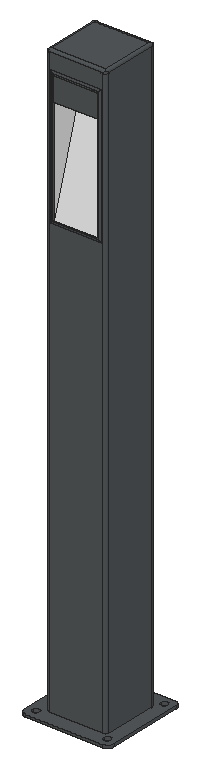
Revit family "svetilnik_alfresco_ar deko_dtu19", category Lighting Fixtures, Revit 2016 (continued)
Definition of nested family "Источник света Ар_Деко"
  Types (5, lengths in mm): name | Photometric Web File | built-in parameter 1150142
       0.2       0.2       0.2       0.2       0.2       0.2       0.2       0.2\r\n       0.2       0.2       0.2       0.2       0.2       0.2       0.2       0.2\r\n       0.2       0.2       0.2       0.2       0.2       0.2       0.2       0.2\r\n       0.2       0.2       0.2       0.2       0.2       0.2       0.2       0.2\r\n       0.2       0.2       0.2       0.2       0.2       0.2       0.2       0.2\r\n       0.2       0.2       0.2       0.2       0.2       0.2       0.2       0.2\r\n       0.2       0.2       0.2       0.2       0.2       0.2       0.2       0.2\r\n       0.2       0.2       0.2       0.2       0.2       0.2       0.2       0.2\r\n       0.2       0.2       0.2       0.2       0.2       0.2       0.2       0.2\r\n       0.2       0.2       0.2       0.2       0.2       0.2       0.2       0.2\r\n       0.2       0.2       0.2       0.2       0.2       0.2       0.2       0.2\r\n       0.2       0.2       0.2       0.2       0.2       0.2       0.2       0.2\r\n       0.1       0.1       0.1       0.1       0.1       0.1       0.1       0.1\r\n       0.1       0.1       0.1       0.0       0.0       0.0       0.0       0.0\r\n       0.0       0.0       0.0       0.0       0.0\r\n       0.0       0.0       0.0       0.0       0.0       0.0       0.0       0.0\r\n       0.1       0.1       0.1       0.1       0.1       0.1       0.2       0.2\r\n       0.2       0.2       0.2       0.2       0.2       0.2       0.2       0.2\r\n       0.2       0.2       0.2       0.2       0.2       0.2       0.2       0.2\r\n       0.2       0.2       0.2       0.2       0.2       0.2       0.2       0.2\r\n       0.2       0.2       0.2       0.2       0.2       0.2       0.2       0.2\r\n       0.2       0.2       0.2       0.2       0.2       0.2       0.2       0.2\r\n       0.2       0.2       0.2       0.2       0.2       0.2       0.2       0.2\r\n       0.2       0.2       0.2       0.2       0.2       0.2       0.2       0.2\r\n       0.2       0.2       0.2       0.2       0.2       0.2       0.2       0.2\r\n       0.2       0.2       0.2       0.2       0.2       0.2       0.2       0.2\r\n       0.2       0.2       0.2       0.2       0.2       0.2       0.2       0.2\r\n       0.2       0.2       0.2       0.2       0.2       0.2       0.2       0.2\r\n       0.2       0.2       0.2       0.2       0.2       0.2       0.2       0.2\r\n       0.2       0.2       0.2       0.2       0.2       0.2       0.2       0.2\r\n       0.2       0.2       0.2       0.2       0.2       0.2       0.2       0.2\r\n       0.2       0.2       0.2       0.2       0.2       0.2       0.2       0.2\r\n       0.2       0.2       0.2       0.2       0.2       0.2       0.2       0.2\r\n       0.2       0.2       0.2       0.2       0.2       0.2       0.2       0.2\r\n       0.2       0.2       0.2       0.2       0.2       0.2       0.2       0.2\r\n       0.2       0.2       0.2       0.1       0.1       0.1       0.1       0.1\r\n       0.1       0.1       0.1       0.0       0.0       0.0       0.0       0.0\r\n       0.0       0.0       0.0       0.0       0.0\r\n       0.0       0.0       0.0       0.0       0.0       0.0       0.0       0.0\r\n       0.1       0.1       0.1       0.2       0.2       0.2       0.2       0.2\r\n       0.2       0.2       0.2       0.2       0.2       0.2       0.2       0.2\r\n       0.2       0.2       0.2       0.2       0.2       0.2       0.2       0.2\r\n       0.2       0.2       0.2       0.2       0.2       0.2       0.2       0.2\r\n       0.2       0.2       0.2       0.2       0.2       0.2       0.2       0.2\r\n       0.2       0.2       0.2       0.2       0.2       0.2       0.2       0.2\r\n       0.2       0.2       0.2       0.2       0.2       0.2       0.2       0.2\r\n       0.2       0.2       0.2       0.2       0.2       0.2       0.2       0.2\r\n       0.2       0.2       0.2       0.2       0.2       0.2       0.2       0.2\r\n       0.2       0.2       0.2       0.2       0.2       0.2       0.2       0.2\r\n       0.2       0.2       0.2       0.2       0.2       0.2       0.2       0.2\r\n       0.2       0.2       0.2       0.2       0.2       0.2       0.2       0.2\r\n       0.2       0.2       0.2       0.2       0.2       0.2       0.2       0.2\r\n       0.2       0.2       0.2       0.2       0.2       0.2       0.2       0.2\r\n       0.2       0.2       0.2       0.2       0.2       0.2       0.2       0.2\r\n       0.2       0.2       0.2       0.2       0.2       0.2       0.2       0.2\r\n       0.2       0.2       0.2       0.2       0.2       0.2       0.2       0.2\r\n       0.2       0.2       0.2       0.2       0.2       0.2       0.2       0.2\r\n       0.2       0.2       0.2       0.2       0.2       0.2       0.2       0.2\r\n       0.2       0.2       0.2       0.2       0.2       0.2       0.1       0.1\r\n       0.1       0.1       0.1       0.1       0.0       0.0       0.0       0.0\r\n       0.0       0.0       0.0       0.0       0.0\r\n       0.0       0.0       0.0       0.0       0.0       0.0       0.0       0.0\r\n       0.2       0.1       0.2       0.2       0.2       0.2       0.2       0.2\r\n       0.2       0.2       0.2       0.2       0.2       0.2       0.2       0.2\r\n       0.2       0.2       0.2       0.2       0.2       0.2       0.2       0.2\r\n       0.2       0.2       0.2       0.2       0.2       0.2       0.2       0.2\r\n       0.2       0.2       0.2       0.2       0.2       0.2       0.2       0.2\r\n       0.2       0.2       0.2       0.2       0.2       0.2       0.2       0.2\r\n       0.2       0.2       0.2       0.2       0.2       0.2       0.2       0.2\r\n       0.2       0.2       0.2       0.2       0.2       0.2       0.2       0.2\r\n       0.2       0.2       0.2       0.2       0.2       0.2       0.2       0.2\r\n       0.2       0.2       0.2       0.2       0.2       0.2       0.2       0.2\r\n       0.2       0.2       0.2       0.2       0.2       0.2       0.2       0.2\r\n       0.2       0.2       0.2       0.2       0.2       0.2       0.2       0.2\r\n       0.2       0.2       0.2       0.2       0.2       0.2       0.2       0.2\r\n       0.2       0.2       0.2       0.2       0.2       0.2       0.2       0.2\r\n       0.2       0.2       0.2       0.2       0.2       0.2       0.2       0.2\r\n       0.2       0.2       0.2       0.2       0.2       0.2       0.2       0.2\r\n       0.2       0.2       0.2       0.2       0.2       0.2       0.2       0.2\r\n       0.2       0.2       0.2       0.2       0.2       0.2       0.2       0.2\r\n       0.2       0.2       0.2       0.2       0.2       0.2       0.2       0.2\r\n       0.2       0.2       0.2       0.2       0.2       0.2       0.2       0.2\r\n       0.1       0.1       0.1       0.1       0.0       0.0       0.0       0.0\r\n       0.0       0.0       0.0       0.0       0.0\r\n       0.0       0.0       0.0       0.0       0.0       0.0       0.1       0.1\r\n       0.2       0.2       0.2       0.2       0.2       0.2       0.2       0.2\r\n       0.2       0.2       0.2       0.2       0.2       0.2       0.2       0.2\r\n       0.2       0.2       0.2       0.2       0.2       0.2       0.2       0.2\r\n       0.2       0.2       0.2       0.2       0.2       0.2       0.2       0.2\r\n       0.2       0.2       0.2       0.2       0.2       0.2       0.2       0.2\r\n       0.2       0.2       0.2       0.2       0.2       0.2       0.2       0.2\r\n       0.2       0.2       0.2       0.2       0.2       0.2       0.2       0.2\r\n       0.2       0.2       0.2       0.2       0.2       0.2       0.2       0.2\r\n       0.2       0.2       0.2       0.2       0.2       0.2       0.2       0.2\r\n       0.2       0.2       0.2       0.2       0.2       0.2       0.2       0.2\r\n       0.2       0.2       0.2       0.2       0.2       0.2       0.2       0.2\r\n       0.2       0.2       0.2       0.2       0.2       0.2       0.2       0.2\r\n       0.2       0.2       0.2       0.2       0.2       0.2       0.2       0.2\r\n       0.2       0.2       0.2       0.2       0.2       0.2       0.2       0.2\r\n       0.2       0.2       0.2       0.2       0.2       0.2       0.2       0.2\r\n       0.2       0.2       0.2       0.2       0.2       0.2       0.2       0.2\r\n       0.2       0.2       0.2       0.2       0.2       0.2       0.2       0.2\r\n       0.2       0.2       0.2       0.2       0.2       0.2       0.2       0.2\r\n       0.2       0.2       0.2       0.2       0.2       0.2       0.2       0.2\r\n       0.2       0.2       0.2       0.2       0.2       0.2       0.2       0.2\r\n       0.1       0.1       0.1       0.1       0.0       0.0       0.0       0.0\r\n       0.0       0.0       0.0       0.0       0.0\r\n       0.0       0.0       0.0       0.0       0.0       0.0       0.1       0.1\r\n       0.2       0.2       0.2       0.2       0.2       0.2       0.2       0.2\r\n       0.2       0.2       0.2       0.2       0.2       0.2       0.2       0.2\r\n       0.2       0.2       0.2       0.2       0.2       0.2       0.2       0.2\r\n       0.2       0.2       0.2       0.2       0.2       0.2       0.2       0.2\r\n       0.2       0.2       0.2       0.2       0.2       0.2       0.2       0.2\r\n       0.2       0.2       0.2       0.2       0.2       0.2       0.2       0.2\r\n       0.2       0.2       0.2       0.2       0.2       0.2       0.2       0.2\r\n       0.2       0.2       0.2       0.2       0.2       0.2       0.2       0.2\r\n       0.2       0.2       0.2       0.2       0.2       0.2       0.2       0.2\r\n       0.2       0.2       0.2       0.2       0.2       0.2       0.2       0.2\r\n       0.2       0.2       0.2       0.2       0.2       0.2       0.2       0.2\r\n       0.2       0.2       0.2       0.2       0.2       0.2       0.2       0.2\r\n       0.2       0.2       0.2       0.2       0.2       0.2       0.2       0.2\r\n       0.2       0.2       0.2       0.2       0.2       0.2       0.2       0.2\r\n       0.2       0.2       0.2       0.2       0.2       0.2       0.2       0.2\r\n       0.2       0.2       0.2       0.2       0.2       0.2       0.2       0.2\r\n       0.2       0.2       0.2       0.2       0.2       0.2       0.2       0.2\r\n       0.2       0.2       0.2       0.2       0.2       0.2       0.2       0.2\r\n       0.2       0.2       0.2       0.2       0.2       0.2       0.2       0.2\r\n       0.2       0.2       0.2       0.2       0.2       0.2       0.2       0.2\r\n       0.1       0.1       0.1       0.1       0.0       0.0       0.0       0.0\r\n       0.0       0.0       0.0       0.0       0.0\r\n       0.0       0.0       0.0       0.0       0.0       0.0       0.1       0.1\r\n       0.2       0.2       0.2       0.2       0.2       0.2       0.2       0.2\r\n       0.2       0.2       0.2       0.2       0.2       0.2       0.2       0.2\r\n       0.2       0.2       0.2       0.2       0.2       0.2       0.2       0.2\r\n       0.2       0.2       0.2       0.2       0.2       0.2       0.2       0.2\r\n       0.2       0.2       0.2       0.2       0.2       0.2       0.2       0.2\r\n       0.2       0.2       0.2       0.2       0.2       0.2       0.2       0.2\r\n       0.2       0.2       0.2       0.2       0.2       0.2       0.2       0.2\r\n       0.2       0.2       0.2       0.2       0.2       0.2       0.2       0.2\r\n       0.2       0.2       0.2       0.2       0.2       0.2       0.2       0.2\r\n       0.2       0.2       0.2       0.2       0.2       0.2       0.2       0.2\r\n       0.2       0.2       0.2       0.2       0.2       0.2       0.2       0.2\r\n       0.2       0.2       0.2       0.2       0.2       0.2       0.2       0.2\r\n       0.2       0.2       0.2       0.2       0.2       0.2       0.2       0.2\r\n       0.2       0.2       0.2       0.2       0.2       0.2       0.2       0.2\r\n       0.2       0.2       0.2       0.2       0.2       0.2       0.2       0.2\r\n       0.2       0.2       0.2       0.2       0.2       0.2       0.2       0.2\r\n       0.2       0.2       0.2       0.2       0.2       0.2       0.2       0.2\r\n       0.2       0.2       0.2       0.2       0.2       0.2       0.2       0.2\r\n       0.2       0.2       0.2       0.2       0.2       0.2       0.2       0.2\r\n       0.2       0.2       0.2       0.2       0.2       0.2       0.2       0.2\r\n       0.1       0.1       0.1       0.1       0.1       0.0       0.0       0.0\r\n       0.0       0.0       0.0       0.0       0.0\r\n       0.0       0.0       0.0       0.0       0.0       0.1       0.1       0.1\r\n       0.2       0.2       0.2       0.2       0.2       0.2       0.2       0.2\r\n       0.2       0.2       0.2       0.2       0.2       0.2       0.2       0.2\r\n       0.2       0.2       0.2       0.2       0.2       0.2       0.2       0.2\r\n       0.2       0.2       0.2       0.2       0.2       0.2       0.2       0.2\r\n       0.2       0.2       0.2       0.2       0.2       0.2       0.2       0.2\r\n       0.2       0.2       0.2       0.2       0.2       0.2       0.2       0.2\r\n       0.2       0.2       0.2       0.2       0.2       0.2       0.2       0.2\r\n       0.2       0.2       0.2       0.2       0.2       0.2       0.2       0.2\r\n       0.2       0.2       0.2       0.2       0.2       0.2       0.2       0.2\r\n       0.2       0.2       0.2       0.2       0.2       0.2       0.2       0.2\r\n       0.2       0.2       0.2       0.2       0.2       0.2       0.2       0.2\r\n       0.2       0.2       0.2       0.2       0.2       0.2       0.2       0.2\r\n       0.2       0.2       0.2       0.2       0.2       0.2       0.2       0.2\r\n       0.2       0.2       0.2       0.2       0.2       0.2       0.2       0.2\r\n       0.2       0.2       0.2       0.2       0.2       0.2       0.2       0.2\r\n       0.2       0.2       0.2       0.2       0.2       0.2       0.2       0.2\r\n       0.2       0.2       0.2       0.2       0.2       0.2       0.2       0.2\r\n       0.2       0.2       0.2       0.2       0.2       0.2       0.2       0.2\r\n       0.2       0.2       0.2       0.2       0.2       0.2       0.2       0.2\r\n       0.2       0.2       0.2       0.2       0.2       0.2       0.2       0.2\r\n       0.1       0.1       0.1       0.1       0.1       0.0       0.0       0.0\r\n       0.0       0.0       0.0       0.0       0.0\r\n       0.0       0.0       0.0       0.0       0.0       0.1       0.1       0.1\r\n       0.2       0.2       0.2       0.2       0.2       0.2       0.2       0.2\r\n       0.2       0.2       0.2       0.2       0.2       0.2       0.2       0.2\r\n       0.2       0.2       0.2       0.2       0.2       0.2       0.2       0.2\r\n       0.2       0.2       0.2       0.2       0.2       0.2       0.2       0.2\r\n       0.2       0.2       0.2       0.2       0.2       0.2       0.2       0.2\r\n       0.2       0.2       0.2       0.2       0.2       0.2       0.2       0.2\r\n       0.2       0.2       0.2       0.2       0.2       0.2       0.2       0.2\r\n       0.2       0.2       0.2       0.2       0.2       0.2       0.2       0.2\r\n       0.2       0.2       0.2       0.2       0.2       0.2       0.2       0.2\r\n       0.2       0.2       0.2       0.2       0.2       0.2       0.2       0.2\r\n       0.2       0.2       0.2       0.2       0.2       0.2       0.2       0.2\r\n       0.2       0.2       0.2       0.2       0.2       0.2       0.2       0.2\r\n       0.2       0.2       0.2       0.2       0.2       0.2       0.2       0.2\r\n       0.2       0.2       0.2       0.2       0.2       0.2       0.2       0.2\r\n       0.2       0.2       0.2       0.2       0.2       0.2       0.2       0.2\r\n       0.2       0.2       0.2       0.2       0.2       0.2       0.2       0.2\r\n       0.2       0.2       0.2       0.2       0.2       0.2       0.2       0.2\r\n       0.2       0.2       0.2       0.2       0.2       0.2       0.2       0.2\r\n       0.2       0.2       0.2       0.2       0.2       0.2       0.2       0.2\r\n       0.2       0.2       0.2       0.2       0.2       0.2       0.2       0.2\r\n       0.1       0.1       0.1       0.1       0.1       0.0       0.0       0.0\r\n       0.0
             0.0       0.0       0.0       0.0\r\n       0.0       0.0       0.0       0.0       0.0       0.1       0.1       0.1\r\n       0.2       0.2       0.2       0.2       0.2       0.2       0.2       0.2\r\n       0.2       0.2       0.2       0.2       0.2       0.2       0.2       0.2\r\n       0.2       0.2       0.2       0.2       0.2       0.2       0.2       0.2\r\n       0.2       0.2       0.2       0.2       0.2       0.2       0.2       0.2\r\n       0.2       0.2       0.2       0.2       0.2       0.2       0.2       0.2\r\n       0.2       0.2       0.2       0.2       0.2       0.2       0.2       0.2\r\n       0.2       0.2       0.2       0.2       0.2       0.2       0.2       0.2\r\n       0.2       0.2       0.2       0.2       0.2       0.2       0.2       0.2\r\n       0.2       0.2       0.2       0.2       0.2       0.2       0.2       0.2\r\n       0.2       0.2       0.2       0.2       0.2       0.2       0.2       0.2\r\n       0.2       0.2       0.2       0.2       0.2       0.2       0.2       0.2\r\n       0.2       0.2       0.2       0.2       0.2       0.2       0.2       0.2\r\n       0.2       0.2       0.2       0.2       0.2       0.2       0.2       0.2\r\n       0.2       0.2       0.2       0.2       0.2       0.2       0.2       0.2\r\n       0.2       0.2       0.2       0.2       0.2       0.2       0.2       0.2\r\n       0.2       0.2       0.2       0.2       0.2       0.2       0.2       0.2\r\n       0.2       0.2       0.2       0.2       0.2       0.2       0.2       0.2\r\n       0.2       0.2       0.2       0.2       0.2       0.2       0.2       0.2\r\n       0.2       0.2       0.2       0.2       0.2       0.2       0.2       0.2\r\n       0.2       0.2       0.2       0.2       0.2       0.2       0.2       0.2\r\n       0.1       0.1       0.1       0.1       0.1       0.1       0.0       0.0\r\n       0.0       0.0       0.0       0.0       0.0\r\n       0.0       0.0       0.0       0.0       0.1       0.1       0.1       0.1\r\n       0.2       0.2       0.2       0.2       0.2       0.2       0.2       0.2\r\n       0.2       0.2       0.2       0.2       0.2       0.2       0.2       0.2\r\n       0.2       0.2       0.2       0.2       0.2       0.2       0.2       0.2\r\n       0.2       0.2       0.2       0.2       0.2       0.2       0.2       0.2\r\n       0.2       0.2       0.2       0.2       0.2       0.2       0.2       0.2\r\n       0.2       0.2       0.2       0.2       0.2       0.2       0.2       0.2\r\n       0.2       0.2       0.2       0.2       0.2       0.2       0.2       0.2\r\n       0.2       0.2       0.2       0.2       0.2       0.2       0.2       0.2\r\n       0.2       0.2       0.2       0.2       0.2       0.2       0.2       0.2\r\n       0.2       0.2       0.2       0.2       0.2       0.2       0.2       0.2\r\n       0.2       0.2       0.2       0.2       0.2       0.2       0.2       0.2\r\n       0.2       0.2       0.2       0.2       0.2       0.2       0.2       0.2\r\n       0.2       0.2       0.2       0.2       0.2       0.2       0.2       0.2\r\n       0.2       0.2       0.2       0.2       0.2       0.2       0.2       0.2\r\n       0.2       0.2       0.2       0.2       0.2       0.2       0.2       0.2\r\n       0.2       0.2       0.2       0.2       0.2       0.2       0.2       0.2\r\n       0.2       0.2       0.2       0.2       0.2       0.2       0.2       0.2\r\n       0.2       0.2       0.2       0.2       0.2       0.2       0.2       0.2\r\n       0.2       0.2       0.2       0.2       0.2       0.2       0.2       0.2\r\n       0.2       0.2       0.2       0.2       0.2       0.2       0.2       0.2\r\n       0.1       0.1       0.1       0.1       0.1       0.1       0.0       0.0\r\n       0.0       0.0       0.0       0.0       0.0\r\n       0.0       0.0       0.0       0.0       0.1       0.1       0.1       0.1\r\n       0.2       0.2       0.2       0.2       0.2       0.2       0.2       0.2\r\n       0.2       0.2       0.2       0.2       0.2       0.2       0.2       0.2\r\n       0.2       0.2       0.2       0.2       0.2       0.2       0.2       0.2\r\n       0.2       0.2       0.2       0.2       0.2       0.2       0.2       0.2\r\n       0.2       0.2       0.2       0.2       0.2       0.2       0.2       0.2\r\n       0.2       0.2       0.2       0.2       0.2       0.2       0.2       0.2\r\n       0.2       0.2       0.2       0.2       0.2       0.2       0.2       0.2\r\n       0.2       0.2       0.2       0.2       0.2       0.2       0.2       0.2\r\n       0.2       0.2       0.2       0.2       0.2       0.2       0.2       0.2\r\n       0.2       0.2       0.2       0.2       0.2       0.2       0.2       0.2\r\n       0.2       0.2       0.2       0.2       0.2       0.2       0.2       0.2\r\n       0.2       0.2       0.2       0.2       0.2       0.2       0.2       0.2\r\n       0.2       0.2       0.2       0.2       0.2       0.2       0.2       0.2\r\n       0.2       0.2       0.2       0.2       0.2       0.2       0.2       0.2\r\n       0.2       0.2       0.2       0.2       0.2       0.2       0.2       0.2\r\n       0.2       0.2       0.2       0.2       0.2       0.2       0.2       0.2\r\n       0.2       0.2       0.2       0.2       0.2       0.2       0.2       0.2\r\n       0.2       0.2       0.2       0.2       0.2       0.2       0.2       0.2\r\n       0.2       0.2       0.2       0.2       0.2       0.2       0.2       0.2\r\n       0.2       0.2       0.2       0.2       0.2       0.2       0.2       0.2\r\n       0.2       0.2       0.1       0.1       0.1       0.1       0.0       0.0\r\n       0.0       0.0       0.0       0.0       0.0\r\n       0.0       0.0       0.0       0.0       0.1       0.1       0.1       0.1\r\n       0.2       0.2       0.2       0.2       0.2       0.2       0.2       0.2\r\n       0.2       0.2       0.2       0.2       0.2       0.2       0.2       0.2\r\n       0.2       0.2       0.2       0.2       0.2       0.2       0.2       0.2\r\n       0.2       0.2       0.2       0.2       0.2       0.2       0.2       0.2\r\n       0.2       0.2       0.2       0.2       0.2       0.2       0.2       0.2\r\n       0.2       0.2       0.2       0.2       0.2       0.2       0.2       0.2\r\n       0.2       0.2       0.2       0.2       0.2       0.2       0.2       0.2\r\n       0.2       0.2       0.2       0.2       0.2       0.2       0.2       0.2\r\n       0.2       0.2       0.2       0.2       0.2       0.2       0.2       0.2\r\n       0.2       0.2       0.2       0.2       0.2       0.2       0.2       0.2\r\n       0.2       0.2       0.2       0.2       0.2       0.2       0.2       0.2\r\n       0.2       0.2       0.2       0.2       0.2       0.2       0.2       0.2\r\n       0.2       0.2       0.2       0.2       0.2       0.2       0.2       0.2\r\n       0.2       0.2       0.2       0.2       0.2       0.2       0.2       0.2\r\n       0.2       0.2       0.2       0.2       0.2       0.2       0.2       0.2\r\n       0.2       0.2       0.2       0.2       0.2       0.2       0.2       0.2\r\n       0.2       0.2       0.2       0.2       0.2       0.2       0.2       0.2\r\n       0.2       0.2       0.2       0.2       0.2       0.2       0.2       0.2\r\n       0.2       0.2       0.2       0.2       0.2       0.2       0.2       0.2\r\n       0.2       0.2       0.2       0.2       0.2       0.2       0.2       0.2\r\n       0.2       0.2       0.1       0.1       0.1       0.1       0.0       0.0\r\n       0.0       0.0       0.0       0.0       0.0\r\n       0.0       0.0       0.0       0.1       0.1       0.1       0.1       0.1\r\n       0.2       0.2       0.2       0.2       0.2       0.2       0.2       0.2\r\n       0.2       0.2       0.2       0.2       0.2       0.2       0.2       0.2\r\n       0.2       0.2       0.2       0.2       0.2       0.2       0.2       0.2\r\n       0.2       0.2       0.2       0.2       0.2       0.2       0.2       0.2\r\n       0.2       0.2       0.2       0.2       0.2       0.2       0.2       0.2\r\n       0.2       0.2       0.2       0.2       0.2       0.2       0.2       0.2\r\n       0.2       0.2       0.2       0.2       0.2       0.2       0.2       0.2\r\n       0.2       0.2       0.2       0.2       0.2       0.2       0.2       0.2\r\n       0.2       0.2       0.2       0.2       0.2       0.2       0.2       0.2\r\n       0.2       0.2       0.2       0.2       0.2       0.2       0.2       0.2\r\n       0.2       0.2       0.2       0.2       0.2       0.2       0.2       0.2\r\n       0.2       0.2       0.2       0.2       0.2       0.2       0.2       0.2\r\n       0.2       0.2       0.2       0.2       0.2       0.2       0.2       0.2\r\n       0.2       0.2       0.2       0.2       0.2       0.2       0.2       0.2\r\n       0.2       0.2       0.2       0.2       0.2       0.2       0.2       0.2\r\n       0.2       0.2       0.2       0.2       0.2       0.2       0.2       0.2\r\n       0.2       0.2       0.2       0.2       0.2       0.2       0.2       0.2\r\n       0.2       0.2       0.2       0.2       0.2       0.2       0.2       0.2\r\n       0.2       0.2       0.2       0.2       0.2       0.2       0.2       0.2\r\n       0.2       0.2       0.2       0.2       0.2       0.2       0.2       0.2\r\n       0.2       0.2       0.1       0.1       0.1       0.1       0.0       0.0\r\n       0.0       0.0       0.0       0.0       0.0\r\n       0.0       0.0       0.0       0.1       0.1       0.1       0.1       0.1\r\n       0.2       0.2       0.2       0.2       0.2       0.2       0.2       0.2\r\n       0.2       0.2       0.2       0.2       0.2       0.2       0.2       0.2\r\n       0.2       0.2       0.2       0.2       0.2       0.2       0.2       0.2\r\n       0.2       0.2       0.2       0.2       0.2       0.2       0.2       0.2\r\n       0.2       0.2       0.2       0.2       0.2       0.2       0.2       0.2\r\n       0.2       0.2       0.2       0.2       0.2       0.2       0.2       0.2\r\n       0.2       0.2       0.2       0.2       0.2       0.2       0.2       0.2\r\n       0.2       0.2       0.2       0.2       0.2       0.2       0.2       0.2\r\n       0.2       0.2       0.2       0.2       0.2       0.2       0.2       0.2\r\n       0.2       0.2       0.2       0.2       0.2       0.2       0.2       0.2\r\n       0.2       0.2       0.2       0.2       0.2       0.2       0.2       0.2\r\n       0.2       0.2       0.2       0.2       0.2       0.2       0.2       0.2\r\n       0.2       0.2       0.2       0.2       0.2       0.2       0.2       0.2\r\n       0.2       0.2       0.2       0.2       0.2       0.2       0.2       0.2\r\n       0.2       0.2       0.2       0.2       0.2       0.2       0.2       0.2\r\n       0.2       0.2       0.2       0.2       0.2       0.2       0.2       0.2\r\n       0.2       0.2       0.2       0.2       0.2       0.2       0.2       0.2\r\n       0.2       0.2       0.2       0.2       0.2       0.2       0.2       0.2\r\n       0.2       0.2       0.2       0.2       0.2       0.2       0.2       0.2\r\n       0.2       0.2       0.2       0.2       0.2       0.2       0.2       0.2\r\n       0.2       0.2       0.1       0.1       0.1       0.1       0.0       0.0\r\n       0.0       0.0       0.0       0.0       0.0\r\n       0.0       0.0       0.0       0.1       0.1       0.1       0.1       0.1\r\n       0.2       0.2       0.2       0.2       0.2       0.2       0.2       0.2\r\n       0.2       0.2       0.2       0.2       0.2       0.2       0.2       0.2\r\n       0.2       0.2       0.2       0.2       0.2       0.2       0.2       0.2\r\n       0.2       0.2       0.2       0.2       0.2       0.2       0.2       0.2\r\n       0.2       0.2       0.2       0.2       0.2       0.2       0.2       0.2\r\n       0.2       0.2       0.2       0.2       0.2       0.2       0.2       0.2\r\n       0.2       0.2       0.2       0.2       0.2       0.2       0.2       0.2\r\n       0.2       0.2       0.2       0.2       0.2       0.2       0.2       0.2\r\n       0.2       0.2       0.2       0.2       0.2       0.2       0.2       0.2\r\n       0.2       0.2       0.2       0.2       0.2       0.2       0.2       0.2\r\n       0.2       0.2       0.2       0.2       0.2       0.2       0.2       0.2\r\n       0.2       0.2       0.2       0.2       0.2       0.2       0.2       0.2\r\n       0.2       0.2       0.2       0.2       0.2       0.2       0.2       0.2\r\n       0.2       0.2       0.2       0.2       0.2       0.2       0.2       0.2\r\n       0.2       0.2       0.2       0.2       0.2       0.2       0.2       0.2\r\n       0.2       0.2       0.2       0.2       0.2       0.2       0.2       0.2\r\n       0.2       0.2       0.2       0.2       0.2       0.2       0.2       0.2\r\n       0.2       0.2       0.2       0.2       0.2       0.2       0.2       0.2\r\n       0.2       0.2       0.2       0.2       0.2       0.2       0.2       0.2\r\n       0.2       0.2       0.2       0.2       0.2       0.2       0.2       0.2\r\n       0.2       0.2       0.1       0.1       0.1       0.1       0.0       0.0\r\n       0.0       0.0       0.0       0.0       0.0\r\n       0.0       0.0       0.0       0.1       0.1       0.1       0.1       0.1\r\n       0.2       0.2       0.2       0.2       0.2       0.2       0.2       0.2\r\n       0.2       0.2       0.2       0.2       0.2       0.2       0.2       0.2\r\n       0.3       0.3       0.2       0.2       0.2       0.2       0.2       0.2\r\n       0.2       0.2       0.2       0.2       0.2       0.2       0.2       0.2\r\n       0.2       0.2       0.2       0.2       0.2       0.2       0.2       0.2\r\n       0.2       0.2       0.2       0.2       0.2       0.2       0.2       0.2\r\n       0.2       0.2       0.2       0.2       0.2       0.2       0.2       0.2\r\n       0.2       0.2       0.2       0.2       0.2       0.2       0.2       0.2\r\n       0.2       0.2       0.2       0.2       0.2       0.2       0.2       0.2\r\n       0.2       0.2       0.2       0.2       0.2       0.2       0.2       0.2\r\n       0.2       0.2       0.2       0.2       0.2       0.2       0.2       0.2\r\n       0.2       0.2       0.2       0.2       0.2       0.2       0.2       0.2\r\n       0.2       0.2       0.2       0.2       0.2       0.2       0.2       0.2\r\n       0.2       0.2       0.2       0.2       0.2       0.2       0.2       0.2\r\n       0.2       0.2       0.2       0.2       0.2       0.2       0.2       0.2\r\n       0.2       0.2       0.2       0.2       0.2       0.2       0.2       0.2\r\n       0.2       0.2       0.2       0.2       0.2       0.2       0.2       0.2\r\n       0.2       0.2       0.2       0.2       0.2       0.2       0.2       0.2\r\n       0.2       0.2       0.2       0.2       0.2       0.2       0.2       0.2\r\n       0.2       0.2       0.2       0.2       0.2       0.2       0.2       0.2\r\n       0.2       0.2       0.2       0.1       0.1       0.1       0.0       0.0\r\n       0.0       0.0       0.0       0.0       0.0\r\n       0.0       0.0       0.0       0.1       0.1       0.1       0.1       0.1\r\n       0.2       0.2       0.2       0.2       0.2       0.2       0.2       0.2\r\n       0.2       0.2       0.2       0.2       0.2       0.2       0.2       0.2\r\n       0.3       0.3       0.2       0.2       0.2       0.2       0.2       0.2\r\n       0.2       0.2       0.2       0.2       0.2       0.2       0.2       0.2\r\n       0.2       0.2       0.2       0.2       0.2       0.2       0.2       0.2\r\n       0.2       0.2       0.2       0.2       0.2       0.2       0.2       0.2\r\n       0.2       0.2       0.2       0.2       0.2       0.2       0.2       0.2\r\n       0.2       0.2       0.2       0.2       0.2       0.2       0.2       0.2\r\n       0.2       0.2       0.2       0.2       0.2       0.2       0.2       0.2\r\n       0.2       0.2       0.2       0.2       0.2       0.2       0.2       0.2\r\n       0.2       0.2       0.2       0.2       0.2       0.2       0.2       0.2\r\n       0.2       0.2       0.2       0.2       0.2       0.2       0.2       0.2\r\n       0.2       0.2       0.2       0.2    
